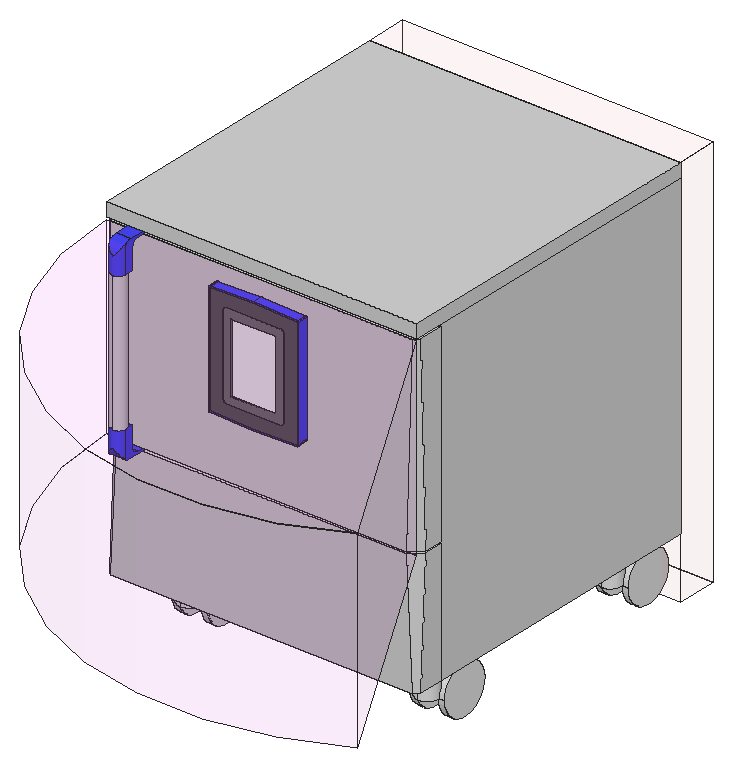
Revit family "Normann_PLUS_PLS5A-R290", category Attrezzature speciali, Revit 2021
Family settings
  Quota connettore circolare = Usa diametro
  Tipo di parte = Normale
  Basato su piano di lavoro = No
  Sempre verticale = Sì
  Taglio con vuoti quando caricato = No
  Condiviso = No
  Punto di calcolo locali = No
Parameters (values of type "PLUS5 AIR, R290, 220-240/1N/50, TFT, RHH, WHEELS, MULTI FOOD PROBE, WITH HUMIDITY CONTROL")
  Yield per shock freezing cycle test time (EN22042) - min = 261
  Yield per shock freezing cycle energy consumed (EN22042) - kWh/kg = 0.322
  Yield per shock freezing cycle consuption (EN22042) - kWh = 4
  Yield per shock freezing cycle +65/-18°C (EN22042) - kg = 13
  Yield per shock freezing cycle (+90/-18°C) - kg = 18
  Yield per blast chiling cycle test time (EN22042) - min = 96
  Yield per blast chiling cycle energy consumed (EN22042) - kWh/kg = 0.091
  Yield per blast chiling cycle consumption (EN22042) - kWh = 1
  Yield per blast chiling cycle +65/+10°C (EN22042) - kg = 18
  Yield per blast chiling cycle (+90°C/+3°C) - kg = 23
  Wheel_Feet = yes
  Wheel = Wheel_Feet  # yes
  URL Manufacturer = "https://www.normann.it"
  Tray quantity GN2/3 h65mm = 0
  Tray quantity EN1-GN1/1 h65mm = 0
  Tray quantity EN1-GN1/1 h40mm = 0
  Tray quantity EN1-GN1/1 h20mm = 0
  Tray number = 5
  Tray Type = "GN1/1 e EN1"
  Temperature range - °C = "-40/+85"
  Suction line diameter - mm = 0 mm
  Show_Clearance [instance] = yes
  Refrigeration Climate Class = 4
  Refrigerant gas = "R290"
  Default Elevation = 0 mm
  built-in parameter 1010108 = ""
  Power Supply (Volts/Ph/Hz) = "220-240/1N/50"
  Packing volume - m3 = 0.8
  Packaging length actual - mm = 800 mm
  Packaging height actual - mm = 1124 mm
  Packaging depth actual - mm = 890 mm
  Optional = "Multi food probe - with humidity control"
  Net Weight kg = 124
  Model Series = "Plus"
  Model Category = "Blast chiller reach-in"
  Max power warm cycle - W = 1750
  Max power cold cycle - W = 1203
  Max current warm cycle - A = 7.7
  Max current cold cycle - A = 5.1
  Mat_Grid = Acciaio inox, spazzolato
  Mat_Frame = Acciaio inox, spazzolato
  Manufacturer = "Normann"
  Liquid line diameter - mm = 0 mm
  Length Actual = 750 mm
  Internal length actual - mm = 650 mm
  Internal height actual - mm = 410 mm
  Internal depth actual - mm = 433 mm
  Ice cream pan 5l quantity (360x165x120mm) = 6
  ID = "5A1C3D3B1-05F2C"
  Height_Door = 464 mm
  Height_Feet_Actual = if(Wheel_Feet, 150 mm, H_Feet_Limits)  # 150 mm
  Height Actual = 954 mm
  H_Feet_Limits = if(Height_Feet_100to160 < 100 mm, 100 mm, if(Height_Feet_100to160 > 160 mm, 160 mm, Height_Feet_100to160))  # 117.1 mm
  Gross Weight kg = 139
  GWP = 3
  Feet = not(Wheel_Feet)  # no
  Door_SX = not(Door Side R_L)  # yes
  Door_DX = Door Side R_L  # no
  OffSet_Display = 175 mm
  Height_Feet_100to160 = 117.1 mm
  Door Side R_L = no
  Depth Body = 795 mm
  Depth Actual = 865 mm
  Controller = "TFT"
  Condensation = "AIR"
  Capacity internal - L = 115
  Asset Identifier = "PLS5A-R290"
Reference planes
  plane 1 "Retro": y = 0
  plane 2: z = 0
  plane 3 "Sinistra": x = 0
  plane 4: x = 220
  plane 5: x = 375
  plane 6: x = 530
  plane 7: x = 750
  plane 8: x = 88
  plane 9: x = 662
  plane 10: y = -100
  plane 11: y = -397.5
  plane 12: y = -655
  plane 13: y = -725
  plane 14: y = -795
  plane 15: y = -865
  plane 16: z = 150
  plane 17: z = 921
  plane 18: z = 741
  plane 19: z = 954
  plane 20: z = 916
  plane 21: z = 447
  plane 22: z = 452
  plane 23: z = 86
  plane 24: y = 100
  plane 25: z = 851
  plane 26: z = 517
Forms (mm)
  Extrusion 1, solid, material "Acciaio inox, spazzolato" <- "Mat_Frame"
    sketch origin (0, 0, 0) x (1, 0, 0) y (0, 1, 0)
      loop
        line (0, 0) -> (0, -795) -> (750, -795) -> (750, 0) -> (0, 0)
    from 921 to 954
  Extrusion 2, solid, material "Acciaio inox, spazzolato" <- "Mat_Frame"
    sketch origin (0, 0, 0) x (1, 0, 0) y (0, 1, 0)
      loop
        line (0, 0) -> (0, -725) -> (750, -725) -> (750, 0) -> (0, 0)
    from 150 to 921
  Extrusion 3, solid, material "Acciaio inox, spazzolato" <- "Mat_Grid"
    sketch origin (0, 0, 0) x (1, 0, 0) y (0, 1, 0)
      loop
        line (0, -725) -> (0, -795) -> (750, -795) -> (750, -725) -> (0, -725)
    from 150 to 447
  Extrusion 4, solid, material "Acciaio inox, spazzolato" <- "Mat_Frame"
    sketch origin (0, 0, 0) x (1, 0, 0) y (0, 1, 0)
      loop
        line (0, -725) -> (0, -795) -> (750, -795) -> (750, -725) -> (0, -725)
    from 452 to 916
  Extrusion 5, solid, material "Acciaio inox, spazzolato" <- "Mat_Frame"
    sketch origin (0, 0, 0) x (1, 0, 0) y (0, 1, 0)
      loop
        line (220, -100) -> (220, -655) -> (530, -655) -> (530, -100) -> (220, -100)
    from 86 to 150
  Extrusion 6, solid, material "Acciaio inox, spazzolato" <- "Mat_Frame", visible <- "Door_DX"
    sketch origin (-167.334, -1527.813, 0) x (0, 1, 0) y (-1, 0, 0)
      loop
        circle (680.313, -846.834) r 17.5
    from 517 to 851
  Extrusion 7, solid, material "Acciaio inox, spazzolato" <- "Mat_Frame", visible <- "Door_SX"
    sketch origin (917.334, -1527.813, 0) x (0, 1, 0) y (-1, 0, 0)
      loop
        circle (680.313, 846.834) r 17.5
    from 517 to 851
  Extrusion 8, solid, material "QF_Finishes_Clearance", visible <- "Show_Clearance"
    sketch origin (0, 0, 0) x (1, 0, 0) y (0, 1, 0)
      loop
        line (0, 100) -> (0, 0) -> (750, 0) -> (750, 100) -> (0, 100)
    from 0 to 954
  Extrusion 9, solid, material "Acciaio inox, spazzolato" <- "Mat_Frame"
    sketch origin (0, 0, 0) x (1, 0, 0) y (0, 0, 1)
      loop
        line (88, 180) -> (88, 210) -> (58, 210) -> (58, 180) -> (88, 180)
    from -1.043 to 0
  Extrusion 10, solid
    sketch origin (0, 0, 0) x (1, 0, 0) y (0, 0, 1)
      loop
        circle (662, 204.579) r 10
    from -6.778 to 0
  Blend 11, void
    base sketch origin (-1546.99, -1691.009, 0) x (1, 0, 0) y (0, 1, 0)
      loop
        line (2305.785, 930.019) -> (2262.98, 887.214) -> (2305.785, 887.214) -> (2305.785, 930.019)
    top sketch origin (-1546.99, -1691.009, 0) x (1, 0, 0) y (0, 1, 0)
      loop
        line (2305.785, 915.113) -> (2277.886, 887.214) -> (2305.785, 887.214) -> (2305.785, 915.113)
    from 452 to 916
  Blend 12, void
    base sketch origin (2296.985, -1691.009, 0) x (-1, 0, 0) y (0, -1, 0)
      loop
        line (2305.785, -930.019) -> (2305.785, -887.214) -> (2262.98, -887.214) -> (2305.785, -930.019)
    top sketch origin (2296.985, -1691.009, 0) x (-1, 0, 0) y (0, -1, 0)
      loop
        line (2305.785, -915.113) -> (2305.785, -887.214) -> (2277.886, -887.214) -> (2305.785, -915.113)
    from 452 to 916
  Blend 13, void
    base sketch origin (-1546.99, -1691.009, 0) x (1, 0, 0) y (0, 1, 0)
      loop
        line (2305.785, 915.113) -> (2277.886, 887.214) -> (2305.785, 887.214) -> (2305.785, 915.113)
    top sketch origin (-1546.99, -1691.009, 0) x (1, 0, 0) y (0, 1, 0)
      loop
        line (2262.98, 887.214) -> (2305.785, 887.214) -> (2305.785, 930.019) -> (2262.98, 887.214)
    from 150 to 447
  Blend 14, void
    base sketch origin (2296.985, -1691.009, 0) x (-1, 0, 0) y (0, -1, 0)
      loop
        line (2305.785, -915.113) -> (2305.785, -887.214) -> (2277.886, -887.214) -> (2305.785, -915.113)
    top sketch origin (2296.985, -1691.009, 0) x (-1, 0, 0) y (0, -1, 0)
      loop
        line (2262.98, -887.214) -> (2305.785, -930.019) -> (2305.785, -887.214) -> (2262.98, -887.214)
    from 150 to 447
Cuts and joins
  Blend 11, Blend 12 cuts Extrusion 4
  Blend 13, Blend 14 cuts Extrusion 3
Dimensions and locks
  equal spacing: plane 14, plane 11, plane 1 "Retro"
  "Depth Body": plane 14 to plane 1 "Retro"
  equal spacing: plane 3 "Sinistra", plane 5, plane 7
  "Length Actual": plane 3 "Sinistra" to plane 7
  locked: plane 3 "Sinistra" to plane 8 at 88
  locked: plane 9 to plane 7 at 88
  plane 4 to plane 5 to plane 6 = 155 mm locked, 155 mm locked
  plane 10 to plane 1 "Retro" = 100 mm
  plane 12 to plane 13 to plane 14 = 70 mm locked, 70 mm locked
  "Depth Actual": plane 15 to plane 1 "Retro"
  "Height Actual": plane 2 to plane 19
  locked: plane 17 to plane 19 at 33
  locked: plane 20 to plane 17 at 5
  "OffSet_Display": plane 20 to plane 18
  "Height_Feet_Actual": plane 2 to plane 16
  plane 16 to plane 21 = 297 mm
  locked: plane 21 to plane 22 at 5
  locked: plane 23 to plane 16 at 64
  locked: plane 1 "Retro" to plane 24 at 100
  "Height_Door": plane 20 to plane 22
  locked: plane 20 to plane 25 at 65
  locked: plane 26 to plane 22 at 65
  nested 8 to Blend 11 = 8.795 mm
  aligned and locked: level to plane 2
  aligned and locked: plane 1 "Retro" to Extrusion 1 sketch curve
  aligned and locked: plane 3 "Sinistra" to Extrusion 1 sketch curve
  aligned and locked: plane 7 to Extrusion 1 sketch curve
  aligned and locked: plane 14 to Extrusion 1 sketch curve
  aligned and locked: Extrusion 1 to plane 19
  aligned and locked: plane 17 to Extrusion 1
  aligned and locked: Extrusion 2 sketch curve to Extrusion 1  (x2)
  aligned and locked: Extrusion 2 sketch curve to plane 13
  aligned and locked: plane 7 to Extrusion 2 sketch curve
  aligned and locked: Extrusion 3 sketch curve to Extrusion 2  (x2)
  aligned and locked: plane 14 to Extrusion 3 sketch curve
  aligned and locked: Extrusion 3 sketch curve to Extrusion 1
  aligned and locked: Extrusion 4 sketch curve to Extrusion 2  (x2)
  aligned and locked: Extrusion 4 sketch curve to Extrusion 1  (x2)
  aligned and locked: plane 4 to Extrusion 5 sketch curve
  aligned and locked: Extrusion 5 sketch curve to plane 6
  aligned and locked: Extrusion 2 to plane 17
  aligned and locked: plane 16 to Extrusion 2
  aligned and locked: Extrusion 5 to plane 16
  aligned and locked: plane 20 to Extrusion 4
  aligned and locked: plane 22 to Extrusion 4
  aligned and locked: Extrusion 3 to plane 21
  aligned and locked: plane 16 to Extrusion 3
  aligned and locked: plane 12 to nested 1
  aligned and locked: nested 1 to plane 9
  aligned and locked: nested 3 to plane 12
  aligned and locked: nested 3 to plane 8
  aligned and locked: nested 6 to plane 18
  aligned and locked: plane 5 to nested 6
  aligned and locked: Extrusion 5 to plane 23
  aligned and locked: plane 21 to nested 5
  aligned and locked: Extrusion 8 sketch curve to plane 24
  aligned and locked: Extrusion 8 sketch curve to plane 1 "Retro"
  aligned and locked: Extrusion 8 to plane 19
  aligned and locked: plane 1 "Retro" to Extrusion 9
  aligned and locked: plane 1 "Retro" to Extrusion 10
  aligned and locked: nested 7 to plane 14
  aligned and locked: plane 3 "Sinistra" to nested 7
  aligned and locked: nested 7 to plane 20
  aligned and locked: plane 14 to nested 8
  aligned and locked: nested 8 to plane 7
  aligned and locked: nested 8 to plane 20
  aligned and locked: nested 10 to plane 15
  aligned and locked: nested 9 to plane 15
  aligned and locked: plane 15 to nested 11
  aligned and locked: plane 9 to nested 12
  aligned and locked: nested 10 to plane 9
  aligned and locked: plane 8 to nested 9
  aligned and locked: nested 11 to plane 8
  aligned and locked: plane 15 to nested 12
  aligned and locked: plane 26 to Extrusion 6
  aligned and locked: plane 26 to Extrusion 7
  aligned and locked: plane 25 to Extrusion 7
  aligned and locked: plane 25 to Extrusion 6
  aligned and locked: plane 16 to Blend 14
  aligned and locked: Blend 14 to plane 21
  aligned and locked: plane 16 to Blend 13
  aligned and locked: Blend 13 to plane 21
  aligned and locked: plane 22 to Blend 12
  aligned and locked: plane 22 to Blend 11
  aligned and locked: plane 20 to Blend 12
  aligned and locked: plane 20 to Blend 11
  aligned and locked: Extrusion 8 to plane 3 "Sinistra"
  aligned and locked: Extrusion 8 to plane 7
Automatic sketch dimensions
  Extrusion 5 sketch curve to plane 12 = 0 mm
  Extrusion 5 sketch curve to plane 10 = 0 mm
  plane 15 to Extrusion 6 sketch curve = 17.5 mm
  plane 9 to Extrusion 6 sketch curve = 17.5 mm
  Extrusion 7 sketch curve to plane 15 = 17.5 mm
  plane 8 to Extrusion 7 sketch curve = 17.5 mm
  Extrusion 9 sketch curve to plane 8 = 0 mm
  Extrusion 9 sketch curve to plane 8 = 30 mm
  Extrusion 9 sketch curve to plane 16 = 30 mm
  Extrusion 9 sketch curve to Extrusion 9 sketch curve = 30 mm
  Extrusion 10 sketch curve to plane 9 = 0 mm
  Extrusion 10 sketch curve to plane 16 = 54.579 mm
  Blend 11 sketch curve to Blend 11 sketch curve = 42.804 mm  (x2)
  Blend 11 sketch curve to plane 24 = 903.795 mm  (x2)
  Blend 11 sketch curve to Blend 11 sketch curve = 27.899 mm  (x2)
  Blend 12 sketch curve to Blend 12 sketch curve = 42.804 mm  (x2)
  Blend 12 sketch curve to plane 24 = 860.99 mm
  Blend 12 sketch curve to Blend 12 sketch curve = 27.899 mm  (x2)
  Blend 12 sketch curve to plane 24 = 875.896 mm
  Blend 13 sketch curve to Blend 13 sketch curve = 27.899 mm  (x2)
  Blend 13 sketch curve to plane 24 = 903.795 mm  (x2)
  Blend 13 sketch curve to Blend 13 sketch curve = 42.804 mm  (x2)
  Blend 14 sketch curve to Blend 14 sketch curve = 27.899 mm  (x2)
  Blend 14 sketch curve to plane 24 = 875.896 mm
  Blend 14 sketch curve to Blend 14 sketch curve = 42.804 mm  (x2)
  Blend 14 sketch curve to plane 24 = 860.99 mm
  Extrusion 8 sketch curve to plane 7 = 0 mm
  plane 7 to Blend 11 sketch curve = 34.01 mm
  plane 7 to Blend 11 sketch curve = 19.104 mm
  plane 3 "Sinistra" to Blend 12 sketch curve = 34.004 mm
  plane 3 "Sinistra" to Blend 12 sketch curve = 19.099 mm
  plane 7 to Blend 13 sketch curve = 19.104 mm
  plane 7 to Blend 13 sketch curve = 34.01 mm
  plane 3 "Sinistra" to Blend 14 sketch curve = 19.099 mm
  plane 3 "Sinistra" to Blend 14 sketch curve = 34.004 mm
  Extrusion 8 sketch curve to plane 3 "Sinistra" = 0 mm
  radius of Extrusion 6 sketch curve = 17.5 mm
  radius of Extrusion 7 sketch curve = 17.5 mm
  radius of Extrusion 10 sketch curve = 10 mm
Nested families
  nested 1: "Feet_Wheel_Norm" at (662, -655, 150) x (0, 1, 0) z (0, 0, -1), Feet <- "Feet", H_Feet <- "Height_Feet_Actual", type "Feet_Wheel_Norm"
    with Wheel yes, H_Wheel 150 mm, H_Feet_Real 150 mm, H_Feet 150 mm, Feet no
  nested 2: "Feet_Wheel_Norm" at (662, -100, 150) x (0, 1, 0) z (0, 0, -1), Feet <- "Feet", H_Feet <- "Height_Feet_Actual", type "Feet_Wheel_Norm"
    with Wheel yes, H_Wheel 150 mm, H_Feet_Real 150 mm, H_Feet 150 mm, Feet no
  nested 3: "Feet_Wheel_Norm" at (88, -655, 150) x (0, 1, 0) z (0, 0, -1), Feet <- "Feet", H_Feet <- "Height_Feet_Actual", type "Feet_Wheel_Norm"
    with Wheel yes, H_Wheel 150 mm, H_Feet_Real 150 mm, H_Feet 150 mm, Feet no
  nested 4: "Feet_Wheel_Norm" at (88, -100, 150) x (0, 1, 0) z (0, 0, -1), Feet <- "Feet", H_Feet <- "Height_Feet_Actual", type "Feet_Wheel_Norm"
    with Wheel yes, H_Wheel 150 mm, H_Feet_Real 150 mm, H_Feet 150 mm, Feet no
  nested 5: "Griglia_Plus" at (-8.798, -795, 447) x (1, 0, 0) z (0, -1, 0), type "Griglia_Plus"
  nested 6: "Display_Plus" at (375, -795, 741) x (-1, 0, 0) z (0, -1, 0), type "Display_Plus"
  nested 7: "Door_Clearance" at (0, -795, 452), Show_Clearance <- "Show_Clearance", visible <- "Door_DX", W <- "Length Actual", H <- "Height_Door", type "Door_Clearance"
    with W 750 mm, Show_Clearance yes, H 464 mm
  nested 8: "Door_Clearance" at (750, -795, 452) x (-1, 0, 0) z (0, 0, 1), W <- "Length Actual", H <- "Height_Door", Show_Clearance <- "Show_Clearance", visible <- "Door_SX", type "Door_Clearance"
    with W 750 mm, Show_Clearance yes, H 464 mm
  nested 9: "Testa_Maniglia_2024" at (70.5, -865, 851), visible <- "Door_SX", type "Testa_Maniglia_2024"
  nested 10: "Testa_Maniglia_2024" at (679.5, -865, 851), visible <- "Door_DX", type "Testa_Maniglia_2024"
  nested 11: "Testa_Maniglia_2024" at (70.5, -865, 517) x (1, 0, 0) z (0, 0, -1), visible <- "Door_SX", type "Testa_Maniglia_2024"
  nested 12: "Testa_Maniglia_2024" at (679.5, -865, 517) x (1, 0, 0) z (0, 0, -1), visible <- "Door_DX", type "Testa_Maniglia_2024"
Connectors
  piping at (662, 6.778, 204.579), diameter 20
    settings: on Extrusion 10, index 2, connector inside diameter 609.6 mm, connector length 0 mm, flow factor 0, pipe flow 0.0 L/s, pressure drop 0.0 Pa, fitting loss kfactor 0, connector angle 0.00°, fixture units 0, engagement length 0 mm, angle of deflection 0.00°, flow configuration 0, flow direction 0, fitting loss method 0, system type 29, joint type 0, gender type 0, connector reference index -1, connector utility 0, adjustable connector no, is connector primary yes, connector description ""
  electrical at (73, 1.043, 195)
    settings: on Extrusion 9, index 3, voltage 0 V, apparent load 0 VA, apparent load phase1 0 VA, apparent load phase2 0 VA, apparent load phase3 0 VA, power factor 1, load classification "Altro", number of poles 1, system type 31, power factor state 1, is connector primary yes, connector utility no, sub classification motor no, connector description ""
Definition of nested family "Feet_Wheel_Norm"
  Parameters (values of type "Feet_Wheel_Norm")
    Wheel [instance] = not(Feet)  # no
    Default Elevation = 1219.2 mm
    Mat_Feet = none
    H_Wheel [instance] = if(Wheel, 150 mm, H_Feet_Real)  # 150 mm
    H_Feet_Real [instance] = if(H_Feet < 100 mm, 100 mm, if(H_Feet > 160 mm, 160 mm, H_Feet))  # 150 mm
    H_Feet [instance] = 150 mm
    Feet [instance] = yes
    D = 55 mm
  Reference planes
    plane 1 "Centro (Fronte/Retro)": y = 0
    plane 2: z = 0
    plane 3 "Centro (Sinistra/Destra)": x = 0
    plane 4: y = 42.5
    plane 5: y = 27.5
    plane 6: y = -27.5
    plane 7: y = -42.5
    plane 8: z = 30
    plane 9: z = 90
    plane 10: z = 125
    plane 11: z = 150
  Forms (mm)
    Extrusion 1, solid
      sketch origin (0, 0, 0) x (1, 0, 0) y (0, 1, 0)
        loop
          line (-1219.2, 1219.2) -> (-1219.2, -1219.2) -> (1219.2, -1219.2) -> (1219.2, 1219.2) -> (-1219.2, 1219.2)
      from 0 to -304.8
    Extrusion 2, solid, material <- "Mat_Feet", visible <- "Feet"
      sketch origin (0, 0, 0) x (1, 0, 0) y (0, 1, 0)
        loop
          circle (0, 0) r 27.3
      from 125 to 150
    Extrusion 3, solid, material <- "Mat_Feet", visible <- "Feet"
      sketch origin (0, 0, 0) x (1, 0, 0) y (0, 1, 0)
        loop
          circle (0, 0) r 31.5
      from 0 to 125
    Extrusion 4, solid, material <- "Mat_Feet", visible <- "Wheel"
      sketch origin (0, 0, 0) x (1, 0, 0) y (0, 1, 0)
        loop
          circle (0, 0) r 27.3
      from 0 to 90
    Extrusion 5, solid, material <- "Mat_Feet", visible <- "Wheel"
      sketch origin (-40.152, 0, 0) x (1, 0, 0) y (0, 0, 1)
        loop
          circle (100.152, 90) r 60
      from 27.5 to 42.5
    Extrusion 6, solid, material <- "Mat_Feet", visible <- "Wheel"
      sketch origin (-40.152, 0, 0) x (1, 0, 0) y (0, 0, -1)
        loop
          circle (100.152, -90) r 60
      from 27.5 to 42.5
  Dimensions and locks
    equal spacing: plane 6, plane 1 "Centro (Fronte/Retro)", plane 5
    locked: plane 5 to plane 4 at 15
    locked: plane 7 to plane 6 at 15
    "D": plane 6 to plane 5
    "H_Wheel": plane 2 to plane 11
    locked: plane 10 to plane 11 at 25
    plane 2 to plane 9 = 90 mm
    locked: plane 8 to plane 9 at 60
    aligned and locked: plane 2 to Extrusion 1
    aligned and locked: level to Extrusion 1
    aligned and locked: Extrusion 3 to plane 10
    aligned and locked: plane 10 to Extrusion 2
    aligned and locked: Extrusion 2 to plane 11
    aligned and locked: Extrusion 4 to plane 2
    aligned and locked: Extrusion 4 to plane 9
    aligned and locked: Extrusion 5 to plane 6
    aligned and locked: plane 7 to Extrusion 5
    aligned and locked: Extrusion 6 to plane 4
    aligned and locked: plane 5 to Extrusion 6
    aligned and locked: plane 3 "Centro (Sinistra/Destra)" to Extrusion 5
    aligned and locked: plane 3 "Centro (Sinistra/Destra)" to Extrusion 6
  Automatic sketch dimensions
    Extrusion 1 sketch curve to Extrusion 1 sketch curve = 2438.4 mm  (x2)
    plane 1 "Centro (Fronte/Retro)" to Extrusion 2 sketch curve = 0 mm
    Extrusion 2 sketch curve to plane 3 "Centro (Sinistra/Destra)" = 0 mm
    plane 1 "Centro (Fronte/Retro)" to Extrusion 3 sketch curve = 0 mm
    Extrusion 3 sketch curve to plane 3 "Centro (Sinistra/Destra)" = 0 mm
    Extrusion 4 sketch curve to Extrusion 4 sketch curve = 0 mm  (x2)
    plane 1 "Centro (Fronte/Retro)" to Extrusion 4 sketch curve = 0 mm
    Extrusion 4 sketch curve to plane 3 "Centro (Sinistra/Destra)" = 0 mm
    Extrusion 4 sketch curve to Extrusion 4 sketch curve = 27.3 mm
    Extrusion 5 sketch curve to plane 9 = 0 mm
    plane 3 "Centro (Sinistra/Destra)" to Extrusion 5 sketch curve = 60 mm
    Extrusion 6 sketch curve to plane 9 = 0 mm
    plane 3 "Centro (Sinistra/Destra)" to Extrusion 6 sketch curve = 60 mm
    radius of Extrusion 2 sketch curve = 27.3 mm
    radius of Extrusion 3 sketch curve = 31.5 mm
    radius of Extrusion 5 sketch curve = 60 mm
    radius of Extrusion 6 sketch curve = 60 mm
Definition of nested family "Display_Plus"
  Parameters (values of type "Display_Plus")
    W = 218 mm
    Default Elevation = 1219.2 mm
    Mat_Pla_04 = none
    Mat_Pla_03 = none
    Mat_Pla_02 = none
    Mat_Pla_01 = none
    H = 25 mm
    D = 278 mm
  Reference planes
    plane 1 "Centro (Fronte/Retro)": y = 0
    plane 2: z = 0
    plane 3 "Centro (Sinistra/Destra)": x = 0
    plane 4: x = -54
    plane 5: x = 54
    plane 6: x = -74
    plane 7: x = 74
    plane 8: x = -109
    plane 9: x = 109
    plane 10: y = 139
    plane 11: y = 104
    plane 12: y = 84
    plane 13: y = -84
    plane 14: y = -104
    plane 15: y = -139
    plane 16: z = 25
    plane 17: z = 23
  Forms (mm)
    Extrusion 1, solid
      sketch origin (0, 0, 0) x (1, 0, 0) y (0, 1, 0)
        loop
          line (-1219.2, 1219.2) -> (-1219.2, -1219.2) -> (1219.2, -1219.2) -> (1219.2, 1219.2) -> (-1219.2, 1219.2)
      from 0 to -304.8
    Extrusion 2, solid, material <- "Mat_Pla_04"
      sketch origin (0, 0, 0) x (1, 0, 0) y (0, 1, 0)
        loop
          line (-54, 84) -> (-54, -84) -> (54, -84) -> (54, 84) -> (-54, 84)
      from 0 to 23
    Extrusion 3, solid, material <- "Mat_Pla_03"
      sketch origin (0, 0, 0) x (1, 0, 0) y (0, 1, 0)
        loop
          line (54, 84) -> (-54, 84) -> (-54, -84) -> (54, -84) -> (54, 84)
        loop
          arc (-64, 104) -> (-71.071, 101.071) -> (-74, 94) r 10
          line (-74, 94) -> (-74, -94)
          arc (-74, -94) -> (-71.071, -101.071) -> (-64, -104) r 10
          line (-64, -104) -> (64, -104)
          arc (64, -104) -> (71.071, -101.071) -> (74, -94) r 10
          line (74, -94) -> (74, 94)
          arc (74, 94) -> (71.071, 101.071) -> (64, 104) r 10
          line (64, 104) -> (-64, 104)
      from 0 to 25
    Extrusion 4, solid, material <- "Mat_Pla_01"
      sketch origin (0, 0, 0) x (1, 0, 0) y (0, 1, 0)
        loop
          line (-109, 133.023) -> (-109, -133.023)
          arc (-109, -133.023) -> (-108.177, -135.088) -> (-106.158, -136.019) r 3
          arc (-106.158, -136.019) -> (-53.098, -138.166) -> (0, -139) r 2146.538
          arc (0, -139) -> (53.098, -138.166) -> (106.158, -136.019) r 2146.538
          arc (106.158, -136.019) -> (108.177, -135.088) -> (109, -133.023) r 3
          line (109, -133.023) -> (109, 133.023)
          arc (109, 133.023) -> (108.177, 135.088) -> (106.158, 136.019) r 3
          arc (106.158, 136.019) -> (53.098, 138.166) -> (0, 139) r 2146.538
          arc (0, 139) -> (-53.098, 138.166) -> (-106.158, 136.019) r 2146.538
          arc (-106.158, 136.019) -> (-108.177, 135.088) -> (-109, 133.023) r 3
        loop
          arc (0, 137) -> (-53.045, 136.167) -> (-106.053, 134.022) r 2144.538
          arc (-106.053, 134.022) -> (-106.726, 133.712) -> (-107, 133.023) r 1
          line (-107, 133.023) -> (-107, -133.023)
          arc (-107, -133.023) -> (-106.726, -133.712) -> (-106.053, -134.022) r 1
          arc (-106.053, -134.022) -> (-53.045, -136.167) -> (0, -137) r 2144.538
          arc (0, -137) -> (53.045, -136.167) -> (106.053, -134.022) r 2144.538
          arc (106.053, -134.022) -> (106.726, -133.712) -> (107, -133.023) r 1
          line (107, -133.023) -> (107, 133.023)
          arc (107, 133.023) -> (106.726, 133.712) -> (106.053, 134.022) r 1
          arc (106.053, 134.022) -> (53.045, 136.167) -> (0, 137) r 2144.538
      from 0 to 25
    Extrusion 5, solid, material <- "Mat_Pla_02"
      sketch origin (0, 0, 0) x (1, 0, 0) y (0, 1, 0)
        loop
          arc (-106.053, 134.022) -> (-106.726, 133.712) -> (-107, 133.023) r 1
          line (-107, 133.023) -> (-107, -133.023)
          arc (-107, -133.023) -> (-106.726, -133.712) -> (-106.053, -134.022) r 1
          arc (-106.053, -134.022) -> (-53.045, -136.167) -> (0, -137) r 2144.538
          arc (0, -137) -> (53.045, -136.167) -> (106.053, -134.022) r 2144.538
          arc (106.053, -134.022) -> (106.726, -133.712) -> (107, -133.023) r 1
          line (107, -133.023) -> (107, 133.023)
          arc (107, 133.023) -> (106.726, 133.712) -> (106.053, 134.022) r 1
          arc (106.053, 134.022) -> (53.045, 136.167) -> (0, 137) r 2144.538
          arc (0, 137) -> (-53.045, 136.167) -> (-106.053, 134.022) r 2144.538
        loop
          line (64, 104) -> (-64, 104)
          arc (-64, 104) -> (-71.071, 101.071) -> (-74, 94) r 10
          line (-74, 94) -> (-74, -94)
          arc (-74, -94) -> (-71.071, -101.071) -> (-64, -104) r 10
          line (-64, -104) -> (64, -104)
          arc (64, -104) -> (71.071, -101.071) -> (74, -94) r 10
          line (74, -94) -> (74, 94)
          arc (74, 94) -> (71.071, 101.071) -> (64, 104) r 10
      from 0 to 25
  Dimensions and locks
    equal spacing: plane 15, plane 1 "Centro (Fronte/Retro)", plane 10
    equal spacing: plane 8, plane 3 "Centro (Sinistra/Destra)", plane 9
    "W": plane 8 to plane 9
    "D": plane 15 to plane 10
    locked: plane 17 to plane 16 at 2
    "H": plane 2 to plane 16
    locked: plane 8 to plane 6 at 35
    locked: plane 7 to plane 9 at 35
    locked: plane 5 to plane 7 at 20
    locked: plane 6 to plane 4 at 20
    locked: plane 15 to plane 14 at 35
    locked: plane 12 to plane 11 at 20
    locked: plane 11 to plane 10 at 35
    locked: plane 14 to plane 13 at 20
    aligned and locked: plane 2 to Extrusion 1
    aligned and locked: level to Extrusion 1
  Automatic sketch dimensions
    Extrusion 1 sketch curve to Extrusion 1 sketch curve = 2438.4 mm  (x2)
    Extrusion 2 sketch curve to plane 4 = 0 mm
    Extrusion 2 sketch curve to plane 5 = 0 mm
    plane 13 to Extrusion 2 sketch curve = 0 mm
    plane 12 to Extrusion 2 sketch curve = 0 mm
    Extrusion 3 sketch curve to plane 6 = 0 mm
    plane 14 to Extrusion 3 sketch curve = 0 mm
    plane 11 to Extrusion 3 sketch curve = 0 mm
    Extrusion 3 sketch curve to plane 4 = 0 mm
    Extrusion 3 sketch curve to plane 5 = 0 mm
    Extrusion 3 sketch curve to plane 7 = 0 mm
    plane 13 to Extrusion 3 sketch curve = 0 mm
    plane 12 to Extrusion 3 sketch curve = 0 mm
    Extrusion 3 sketch curve to plane 4 = 10 mm  (x2)
    plane 5 to Extrusion 3 sketch curve = 10 mm  (x2)
    Extrusion 4 sketch curve to plane 8 = 0 mm
    Extrusion 4 sketch curve to plane 3 "Centro (Sinistra/Destra)" = 0 mm  (x4)
    Extrusion 4 sketch curve to plane 9 = 0 mm
    plane 15 to Extrusion 4 sketch curve = 0 mm
    plane 10 to Extrusion 4 sketch curve = 0 mm
    Extrusion 4 sketch curve to Extrusion 4 sketch curve = 3 mm  (x4)
    Extrusion 4 sketch curve to plane 3 "Centro (Sinistra/Destra)" = 7.151 mm  (x2)
    plane 3 "Centro (Sinistra/Destra)" to Extrusion 4 sketch curve = 7.151 mm  (x2)
    plane 15 to Extrusion 4 sketch curve = 1868.526 mm
    Extrusion 4 sketch curve to Extrusion 4 sketch curve = 0 mm  (x20)
    Extrusion 4 sketch curve to plane 15 = 5.977 mm  (x2)
    plane 10 to Extrusion 4 sketch curve = 5.977 mm  (x2)
    Extrusion 4 sketch curve to plane 10 = 1868.526 mm
    Extrusion 4 sketch curve to Extrusion 4 sketch curve = 1 mm  (x2)
    Extrusion 5 sketch curve to plane 3 "Centro (Sinistra/Destra)" = 0 mm  (x2)
    Extrusion 5 sketch curve to plane 3 "Centro (Sinistra/Destra)" = 7.151 mm  (x2)
    plane 8 to Extrusion 5 sketch curve = 3 mm  (x2)
    Extrusion 5 sketch curve to Extrusion 5 sketch curve = 1 mm  (x2)
    plane 3 "Centro (Sinistra/Destra)" to Extrusion 5 sketch curve = 7.151 mm  (x2)
    Extrusion 5 sketch curve to plane 9 = 3 mm  (x2)
    plane 15 to Extrusion 5 sketch curve = 1868.526 mm
    Extrusion 5 sketch curve to Extrusion 5 sketch curve = 0 mm  (x4)
    Extrusion 5 sketch curve to plane 15 = 5.977 mm  (x2)
    plane 10 to Extrusion 5 sketch curve = 5.977 mm  (x2)
    Extrusion 5 sketch curve to plane 10 = 1868.526 mm
    Extrusion 5 sketch curve to plane 6 = 0 mm
    plane 11 to Extrusion 5 sketch curve = 0 mm
    plane 14 to Extrusion 5 sketch curve = 0 mm
    Extrusion 5 sketch curve to plane 7 = 0 mm
    Extrusion 5 sketch curve to plane 4 = 10 mm  (x2)
    plane 5 to Extrusion 5 sketch curve = 10 mm  (x2)
Definition of nested family "Door_Clearance"
  Parameters (values of type "Door_Clearance")
    W [instance] = 750 mm
    Show_Clearance [instance] = yes
    Default Elevation = 0 mm
    H [instance] = 464 mm
  Reference planes
    plane 1 "Centro (Fronte/Retro)": y = 0
    plane 2: z = 0
    plane 3 "Centro (Sinistra/Destra)": x = 0
    plane 4: x = 750
    plane 5: z = 464
  Forms (mm)
    Revolve 1, solid, visible <- "Show_Clearance"
      sketch origin (0, 0, 0) x (1, 0, 0) y (0, 0, 1)
        loop
          line (0, 464) -> (0, 0) -> (750, 0) -> (750, 464) -> (0, 464)
        axis (0, 464) -> (0, 0)
      angle from 240 to 360
  Dimensions and locks
    "W": plane 3 "Centro (Sinistra/Destra)" to plane 4
    "H": plane 2 to plane 5
    aligned and locked: level to plane 2
    aligned and locked: plane 2 to Revolve 1
    aligned and locked: Revolve 1 to plane 5
  Automatic sketch dimensions
    Revolve 1 sketch curve to plane 3 "Centro (Sinistra/Destra)" = 0 mm  (x2)
    plane 4 to Revolve 1 sketch curve = 0 mm
    level to Revolve 1 sketch curve = 0 mm
    Revolve 1 sketch curve to Revolve 1 sketch curve = 464 mm
    Revolve 1 sketch curve to Revolve 1 sketch curve = 263.9 mm
    Revolve 1 sketch curve to Revolve 1 sketch curve = 334.115 mm
Definition of nested family "Testa_Maniglia_2024"
  Parameters (values of type "Testa_Maniglia_2024")
    Default Elevation = 1219.2 mm
    Mat_T_Rail = none
    A = 35 mm
  Reference planes
    plane 1 "Centro (Fronte/Retro)": y = 0
    plane 2: z = 0
    plane 3 "Centro (Sinistra/Destra)": x = 0
    plane 4: x = 17.5
    plane 5: x = -17.5
    plane 6: y = 100
    plane 7: z = 70
    plane 8: z = 65.5
    plane 9: y = 35.988
  Forms (mm)
    Extrusion 1, solid
      sketch origin (0, 0, 0) x (1, 0, 0) y (0, 1, 0)
        loop
          line (-1219.2, 1219.2) -> (-1219.2, -1219.2) -> (1219.2, -1219.2) -> (1219.2, 1219.2) -> (-1219.2, 1219.2)
      from 0 to -304.8
    Extrusion 2, solid, material <- "Mat_T_Rail"
      sketch origin (603.971, -12.494, -156.359) x (0, 1, 0) y (0, 0, 1)
        loop
          line (112.494, 226.359) -> (45.488, 226.359)
          arc (45.488, 226.359) -> (22.801, 217.341) -> (12.494, 195.208) r 33.049
          line (12.494, 195.208) -> (12.494, 156.359) -> (48.482, 156.359) -> (48.482, 201.873)
          arc (48.482, 201.873) -> (54.341, 216.01) -> (68.482, 221.859) r 19.985
          line (68.482, 221.859) -> (112.494, 221.859) -> (112.494, 226.359)
      from -621.471 to -586.471
    Extrusion 3, void
      sketch origin (603.971, -12.494, -156.359) x (1, 0, 0) y (0, 1, 0)
        loop
          arc (-621.471, 29.994) -> (-603.971, 12.494) -> (-586.471, 29.994) r 17.5
          line (-586.471, 29.994) -> (-586.471, 80.181)
          arc (-586.471, 80.181) -> (-604.387, -23.549) -> (-621.471, 80.321) r 53.376
          line (-621.471, 80.321) -> (-621.471, 29.994)
      from 96.453 to 263.778
  Cuts and joins
    Extrusion 3 cuts Extrusion 2
  Dimensions and locks
    equal spacing: plane 5, plane 3 "Centro (Sinistra/Destra)", plane 4
    "A": plane 5 to plane 4
    locked: plane 9 to plane 1 "Centro (Fronte/Retro)" at 35.988
    locked: plane 7 to plane 8 at 4.5
    locked: plane 8 to plane 2 at 65.5
    locked: plane 1 "Centro (Fronte/Retro)" to plane 6 at 100
    aligned and locked: plane 2 to Extrusion 1
    aligned and locked: level to Extrusion 1
    aligned and locked: plane 4 to Extrusion 2
    aligned and locked: Extrusion 2 to plane 5
    aligned and locked: cut or joined group of Extrusion 2, Extrusion 3 to plane 6  (x2)
    aligned and locked: cut or joined group of Extrusion 2, Extrusion 3 to plane 8
    aligned and locked: plane 7 to cut or joined group of Extrusion 2, Extrusion 3
    aligned and locked: plane 9 to cut or joined group of Extrusion 2, Extrusion 3
  Automatic sketch dimensions
    Extrusion 1 sketch curve to Extrusion 1 sketch curve = 2438.4 mm  (x2)
    Extrusion 3 sketch curve to Extrusion 3 sketch curve = 0.202 mm
    Extrusion 3 sketch curve to Extrusion 3 sketch curve = 0.168 mm
    Extrusion 3 sketch curve to plane 3 "Centro (Sinistra/Destra)" = 0.202 mm
    plane 5 to Extrusion 3 sketch curve = 0 mm
    Extrusion 3 sketch curve to plane 1 "Centro (Fronte/Retro)" = 17.5 mm
    Extrusion 3 sketch curve to Extrusion 3 sketch curve = 50.187 mm
    Extrusion 2 sketch curve to level = 0 mm
    Extrusion 2 sketch curve to plane 1 "Centro (Fronte/Retro)" = 0 mm
    Extrusion 2 sketch curve to plane 6 = 0 mm
    Extrusion 2 sketch curve to Extrusion 2 sketch curve = 35.988 mm
    Extrusion 2 sketch curve to Extrusion 2 sketch curve = 19.985 mm
    level to Extrusion 2 sketch curve = 36.951 mm
    Extrusion 2 sketch curve to Extrusion 2 sketch curve = 1.899 mm
    Extrusion 2 sketch curve to Extrusion 2 sketch curve = 8.563 mm
    Extrusion 2 sketch curve to Extrusion 2 sketch curve = 4.5 mm
    Extrusion 2 sketch curve to Extrusion 2 sketch curve = 0.014 mm
Definition of nested family "Griglia_Plus"
  Parameters (values of type "Griglia_Plus")
    Default Elevation = 1219.2 mm
  Reference planes
    plane 1 "Centro (Fronte/Retro)": y = 0
    plane 2: z = 0
    plane 3 "Centro (Sinistra/Destra)": x = 0
  Forms (mm)
    Extrusion 1, solid
      sketch origin (0, 0, 0) x (1, 0, 0) y (0, 1, 0)
        loop
          line (-1219.2, 1219.2) -> (-1219.2, -1219.2) -> (1219.2, -1219.2) -> (1219.2, 1219.2) -> (-1219.2, 1219.2)
      from 0 to -304.8
  Lines and regions (mm)
    model lines, detail levels medium+fine
      curve 1: line (40.936, -180.917, 0) -> (54.849, -172.885, 0)
      curve 2: line (40.936, -180.917, 0) -> (54.849, -188.95, 0)
      curve 3: line (54.849, -188.95, 0) -> (54.849, -172.885, 0)
      curve 4: line (72.781, -180.917, 0) -> (58.867, -172.885, 0)
      curve 5: line (72.781, -180.917, 0) -> (58.867, -188.95, 0)
      curve 6: line (58.867, -188.95, 0) -> (58.867, -172.885, 0)
      curve 7: line (40.936, -157.913, 0) -> (54.849, -165.946, 0)
      curve 8: line (40.936, -157.913, 0) -> (54.849, -149.88, 0)
      curve 9: line (54.849, -149.88, 0) -> (54.849, -165.946, 0)
      curve 10: line (72.781, -157.913, 0) -> (58.867, -165.946, 0)
      curve 11: line (72.781, -157.913, 0) -> (58.867, -149.88, 0)
      curve 12: line (58.867, -149.88, 0) -> (58.867, -165.946, 0)
      curve 13: line (74.797, -177.653, 0) -> (60.884, -169.62, 0)
      curve 14: line (74.797, -177.653, 0) -> (74.797, -161.587, 0)
      curve 15: line (74.797, -161.587, 0) -> (60.884, -169.62, 0)
      curve 16: line (38.953, -161.577, 0) -> (52.866, -169.609, 0)
      curve 17: line (38.953, -161.577, 0) -> (38.953, -177.642, 0)
      curve 18: line (38.953, -177.642, 0) -> (52.866, -169.609, 0)
      curve 19: line (74.797, -184.182, 0) -> (60.884, -192.215, 0)
      curve 20: line (74.797, -184.182, 0) -> (74.797, -200.248, 0)
      curve 21: line (74.797, -200.248, 0) -> (60.884, -192.215, 0)
      curve 22: line (38.953, -200.258, 0) -> (52.866, -192.225, 0)
      curve 23: line (38.953, -200.258, 0) -> (38.953, -184.192, 0)
      curve 24: line (38.953, -184.192, 0) -> (52.866, -192.225, 0)
      curve 25: line (40.936, -227.884, 0) -> (54.849, -219.851, 0)
      curve 26: line (40.936, -227.884, 0) -> (54.849, -235.917, 0)
      curve 27: line (54.849, -235.917, 0) -> (54.849, -219.851, 0)
      curve 28: line (72.781, -227.884, 0) -> (58.867, -219.851, 0)
      curve 29: line (72.781, -227.884, 0) -> (58.867, -235.917, 0)
      curve 30: line (58.867, -235.917, 0) -> (58.867, -219.851, 0)
      curve 31: line (40.936, -204.88, 0) -> (54.849, -212.912, 0)
      curve 32: line (40.936, -204.88, 0) -> (54.849, -196.847, 0)
      curve 33: line (54.849, -196.847, 0) -> (54.849, -212.912, 0)
      curve 34: line (72.781, -204.88, 0) -> (58.867, -212.912, 0)
      curve 35: line (72.781, -204.88, 0) -> (58.867, -196.847, 0)
      curve 36: line (58.867, -196.847, 0) -> (58.867, -212.912, 0)
      curve 37: line (74.797, -224.619, 0) -> (60.884, -216.587, 0)
      curve 38: line (74.797, -224.619, 0) -> (74.797, -208.554, 0)
      curve 39: line (74.797, -208.554, 0) -> (60.884, -216.587, 0)
      curve 40: line (38.953, -208.543, 0) -> (52.866, -216.576, 0)
      curve 41: line (38.953, -208.543, 0) -> (38.953, -224.609, 0)
      curve 42: line (38.953, -224.609, 0) -> (52.866, -216.576, 0)
      curve 43: line (74.797, -231.149, 0) -> (60.884, -239.181, 0)
      curve 44: line (74.797, -231.149, 0) -> (74.797, -247.214, 0)
      curve 45: line (74.797, -247.214, 0) -> (60.884, -239.181, 0)
      curve 46: line (38.953, -247.225, 0) -> (52.866, -239.192, 0)
      curve 47: line (38.953, -247.225, 0) -> (38.953, -231.159, 0)
      curve 48: line (38.953, -231.159, 0) -> (52.866, -239.192, 0)
      curve 49: line (40.936, -273.703, 0) -> (54.849, -265.67, 0)
      curve 50: line (40.936, -273.703, 0) -> (54.849, -281.736, 0)
      curve 51: line (54.849, -281.736, 0) -> (54.849, -265.67, 0)
      curve 52: line (72.781, -273.703, 0) -> (58.867, -265.67, 0)
      curve 53: line (72.781, -273.703, 0) -> (58.867, -281.736, 0)
      curve 54: line (58.867, -281.736, 0) -> (58.867, -265.67, 0)
      curve 55: line (40.936, -250.699, 0) -> (54.849, -258.731, 0)
      curve 56: line (40.936, -250.699, 0) -> (54.849, -242.666, 0)
      curve 57: line (54.849, -242.666, 0) -> (54.849, -258.731, 0)
      curve 58: line (72.781, -250.699, 0) -> (58.867, -258.731, 0)
      curve 59: line (72.781, -250.699, 0) -> (58.867, -242.666, 0)
      curve 60: line (58.867, -242.666, 0) -> (58.867, -258.731, 0)
      curve 61: line (74.797, -270.438, 0) -> (60.884, -262.405, 0)
      curve 62: line (74.797, -270.438, 0) -> (74.797, -254.373, 0)
      curve 63: line (74.797, -254.373, 0) -> (60.884, -262.405, 0)
      curve 64: line (38.953, -254.362, 0) -> (52.866, -262.395, 0)
      curve 65: line (38.953, -254.362, 0) -> (38.953, -270.428, 0)
      curve 66: line (38.953, -270.428, 0) -> (52.866, -262.395, 0)
      curve 67: line (40.936, -133.703, 0) -> (54.849, -125.67, 0)
      curve 68: line (40.936, -133.703, 0) -> (54.849, -141.736, 0)
      curve 69: line (54.849, -141.736, 0) -> (54.849, -125.67, 0)
      curve 70: line (72.781, -133.703, 0) -> (58.867, -125.67, 0)
      curve 71: line (72.781, -133.703, 0) -> (58.867, -141.736, 0)
      curve 72: line (58.867, -141.736, 0) -> (58.867, -125.67, 0)
      curve 73: line (40.936, -110.699, 0) -> (54.849, -118.731, 0)
      curve 74: line (40.936, -110.699, 0) -> (54.849, -102.666, 0)
      curve 75: line (54.849, -102.666, 0) -> (54.849, -118.731, 0)
      curve 76: line (72.781, -110.699, 0) -> (58.867, -118.731, 0)
      curve 77: line (72.781, -110.699, 0) -> (58.867, -102.666, 0)
      curve 78: line (58.867, -102.666, 0) -> (58.867, -118.731, 0)
      curve 79: line (74.797, -130.438, 0) -> (60.884, -122.405, 0)
      curve 80: line (74.797, -130.438, 0) -> (74.797, -114.373, 0)
      curve 81: line (74.797, -114.373, 0) -> (60.884, -122.405, 0)
      curve 82: line (38.953, -114.362, 0) -> (52.866, -122.395, 0)
      curve 83: line (38.953, -114.362, 0) -> (38.953, -130.428, 0)
      curve 84: line (38.953, -130.428, 0) -> (52.866, -122.395, 0)
      curve 85: line (74.797, -136.968, 0) -> (60.884, -145, 0)
      curve 86: line (74.797, -136.968, 0) -> (74.797, -153.033, 0)
      curve 87: line (74.797, -153.033, 0) -> (60.884, -145, 0)
      curve 88: line (38.953, -153.043, 0) -> (52.866, -145.011, 0)
      curve 89: line (38.953, -153.043, 0) -> (38.953, -136.978, 0)
      curve 90: line (38.953, -136.978, 0) -> (52.866, -145.011, 0)
      curve 91: line (40.936, -89.941, 0) -> (54.849, -81.909, 0)
      curve 92: line (40.936, -89.941, 0) -> (54.849, -97.974, 0)
      curve 93: line (54.849, -97.974, 0) -> (54.849, -81.909, 0)
      curve 94: line (72.781, -89.941, 0) -> (58.867, -81.909, 0)
      curve 95: line (72.781, -89.941, 0) -> (58.867, -97.974, 0)
      curve 96: line (58.867, -97.974, 0) -> (58.867, -81.909, 0)
      curve 97: line (40.936, -66.937, 0) -> (54.849, -74.97, 0)
      curve 98: line (40.936, -66.937, 0) -> (54.849, -58.904, 0)
      curve 99: line (54.849, -58.904, 0) -> (54.849, -74.97, 0)
      curve 100: line (72.781, -66.937, 0) -> (58.867, -74.97, 0)
      curve 101: line (72.781, -66.937, 0) -> (58.867, -58.904, 0)
      curve 102: line (58.867, -58.904, 0) -> (58.867, -74.97, 0)
      curve 103: line (74.797, -86.677, 0) -> (60.884, -78.644, 0)
      curve 104: line (74.797, -86.677, 0) -> (74.797, -70.611, 0)
      curve 105: line (74.797, -70.611, 0) -> (60.884, -78.644, 0)
      curve 106: line (38.953, -70.601, 0) -> (52.866, -78.633, 0)
      curve 107: line (38.953, -70.601, 0) -> (38.953, -86.666, 0)
      curve 108: line (38.953, -86.666, 0) -> (52.866, -78.633, 0)
      curve 109: line (74.797, -93.206, 0) -> (60.884, -101.239, 0)
      curve 110: line (74.797, -93.206, 0) -> (74.797, -109.272, 0)
      curve 111: line (74.797, -109.272, 0) -> (60.884, -101.239, 0)
      curve 112: line (38.953, -109.282, 0) -> (52.866, -101.249, 0)
      curve 113: line (38.953, -109.282, 0) -> (38.953, -93.217, 0)
      curve 114: line (38.953, -93.217, 0) -> (52.866, -101.249, 0)
      curve 115: line (40.936, -43.691, 0) -> (54.849, -35.659, 0)
      curve 116: line (40.936, -43.691, 0) -> (54.849, -51.724, 0)
      curve 117: line (54.849, -51.724, 0) -> (54.849, -35.659, 0)
      curve 118: line (72.781, -43.691, 0) -> (58.867, -35.659, 0)
      curve 119: line (72.781, -43.691, 0) -> (58.867, -51.724, 0)
      curve 120: line (58.867, -51.724, 0) -> (58.867, -35.659, 0)
      curve 121: line (40.936, -20.687, 0) -> (54.849, -28.72, 0)
      curve 122: line (40.936, -20.687, 0) -> (54.849, -12.654, 0)
      curve 123: line (54.849, -12.654, 0) -> (54.849, -28.72, 0)
      curve 124: line (72.781, -20.687, 0) -> (58.867, -28.72, 0)
      curve 125: line (72.781, -20.687, 0) -> (58.867, -12.654, 0)
      curve 126: line (58.867, -12.654, 0) -> (58.867, -28.72, 0)
      curve 127: line (74.797, -40.427, 0) -> (60.884, -32.394, 0)
      curve 128: line (74.797, -40.427, 0) -> (74.797, -24.361, 0)
      curve 129: line (74.797, -24.361, 0) -> (60.884, -32.394, 0)
      curve 130: line (38.953, -24.351, 0) -> (52.866, -32.383, 0)
      curve 131: line (38.953, -24.351, 0) -> (38.953, -40.416, 0)
      curve 132: line (38.953, -40.416, 0) -> (52.866, -32.383, 0)
      curve 133: line (74.797, -46.956, 0) -> (60.884, -54.989, 0)
      curve 134: line (74.797, -46.956, 0) -> (74.797, -63.022, 0)
      curve 135: line (74.797, -63.022, 0) -> (60.884, -54.989, 0)
      curve 136: line (38.953, -63.032, 0) -> (52.866, -54.999, 0)
      curve 137: line (38.953, -63.032, 0) -> (38.953, -46.967, 0)
      curve 138: line (38.953, -46.967, 0) -> (52.866, -54.999, 0)
      curve 139: line (80.936, -180.917, 0) -> (94.849, -172.885, 0)
      curve 140: line (80.936, -180.917, 0) -> (94.849, -188.95, 0)
      curve 141: line (94.849, -188.95, 0) -> (94.849, -172.885, 0)
      curve 142: line (112.781, -180.917, 0) -> (98.867, -172.885, 0)
      curve 143: line (112.781, -180.917, 0) -> (98.867, -188.95, 0)
      curve 144: line (98.867, -188.95, 0) -> (98.867, -172.885, 0)
      curve 145: line (80.936, -157.913, 0) -> (94.849, -165.946, 0)
      curve 146: line (80.936, -157.913, 0) -> (94.849, -149.88, 0)
      curve 147: line (94.849, -149.88, 0) -> (94.849, -165.946, 0)
      curve 148: line (112.781, -157.913, 0) -> (98.867, -165.946, 0)
      curve 149: line (112.781, -157.913, 0) -> (98.867, -149.88, 0)
      curve 150: line (98.867, -149.88, 0) -> (98.867, -165.946, 0)
      curve 151: line (114.797, -177.653, 0) -> (100.884, -169.62, 0)
      curve 152: line (114.797, -177.653, 0) -> (114.797, -161.587, 0)
      curve 153: line (114.797, -161.587, 0) -> (100.884, -169.62, 0)
      curve 154: line (78.953, -161.577, 0) -> (92.866, -169.609, 0)
      curve 155: line (78.953, -161.577, 0) -> (78.953, -177.642, 0)
      curve 156: line (78.953, -177.642, 0) -> (92.866, -169.609, 0)
      curve 157: line (114.797, -184.182, 0) -> (100.884, -192.215, 0)
      curve 158: line (114.797, -184.182, 0) -> (114.797, -200.248, 0)
      curve 159: line (114.797, -200.248, 0) -> (100.884, -192.215, 0)
      curve 160: line (78.953, -200.258, 0) -> (92.866, -192.225, 0)
      curve 161: line (78.953, -200.258, 0) -> (78.953, -184.192, 0)
      curve 162: line (78.953, -184.192, 0) -> (92.866, -192.225, 0)
      curve 163: line (80.936, -227.884, 0) -> (94.849, -219.851, 0)
      curve 164: line (80.936, -227.884, 0) -> (94.849, -235.917, 0)
      curve 165: line (94.849, -235.917, 0) -> (94.849, -219.851, 0)
      curve 166: line (112.781, -227.884, 0) -> (98.867, -219.851, 0)
      curve 167: line (112.781, -227.884, 0) -> (98.867, -235.917, 0)
      curve 168: line (98.867, -235.917, 0) -> (98.867, -219.851, 0)
      curve 169: line (80.936, -204.88, 0) -> (94.849, -212.912, 0)
      curve 170: line (80.936, -204.88, 0) -> (94.849, -196.847, 0)
      curve 171: line (94.849, -196.847, 0) -> (94.849, -212.912, 0)
      curve 172: line (112.781, -204.88, 0) -> (98.867, -212.912, 0)
      curve 173: line (112.781, -204.88, 0) -> (98.867, -196.847, 0)
      curve 174: line (98.867, -196.847, 0) -> (98.867, -212.912, 0)
      curve 175: line (114.797, -224.619, 0) -> (100.884, -216.587, 0)
      curve 176: line (114.797, -224.619, 0) -> (114.797, -208.554, 0)
      curve 177: line (114.797, -208.554, 0) -> (100.884, -216.587, 0)
      curve 178: line (78.953, -208.543, 0) -> (92.866, -216.576, 0)
      curve 179: line (78.953, -208.543, 0) -> (78.953, -224.609, 0)
      curve 180: line (78.953, -224.609, 0) -> (92.866, -216.576, 0)
      curve 181: line (114.797, -231.149, 0) -> (100.884, -239.181, 0)
      curve 182: line (114.797, -231.149, 0) -> (114.797, -247.214, 0)
      curve 183: line (114.797, -247.214, 0) -> (100.884, -239.181, 0)
      curve 184: line (78.953, -247.225, 0) -> (92.866, -239.192, 0)
      curve 185: line (78.953, -247.225, 0) -> (78.953, -231.159, 0)
      curve 186: line (78.953, -231.159, 0) -> (92.866, -239.192, 0)
      curve 187: line (80.936, -273.703, 0) -> (94.849, -265.67, 0)
      curve 188: line (80.936, -273.703, 0) -> (94.849, -281.736, 0)
      curve 189: line (94.849, -281.736, 0) -> (94.849, -265.67, 0)
      curve 190: line (112.781, -273.703, 0) -> (98.867, -265.67, 0)
      curve 191: line (112.781, -273.703, 0) -> (98.867, -281.736, 0)
      curve 192: line (98.867, -281.736, 0) -> (98.867, -265.67, 0)
      curve 193: line (80.936, -250.699, 0) -> (94.849, -258.731, 0)
      curve 194: line (80.936, -250.699, 0) -> (94.849, -242.666, 0)
      curve 195: line (94.849, -242.666, 0) -> (94.849, -258.731, 0)
      curve 196: line (112.781, -250.699, 0) -> (98.867, -258.731, 0)
      curve 197: line (112.781, -250.699, 0) -> (98.867, -242.666, 0)
      curve 198: line (98.867, -242.666, 0) -> (98.867, -258.731, 0)
      curve 199: line (114.797, -270.438, 0) -> (100.884, -262.405, 0)
      curve 200: line (114.797, -270.438, 0) -> (114.797, -254.373, 0)
      curve 201: line (114.797, -254.373, 0) -> (100.884, -262.405, 0)
      curve 202: line (78.953, -254.362, 0) -> (92.866, -262.395, 0)
      curve 203: line (78.953, -254.362, 0) -> (78.953, -270.428, 0)
      curve 204: line (78.953, -270.428, 0) -> (92.866, -262.395, 0)
      curve 205: line (80.936, -133.703, 0) -> (94.849, -125.67, 0)
      curve 206: line (80.936, -133.703, 0) -> (94.849, -141.736, 0)
      curve 207: line (94.849, -141.736, 0) -> (94.849, -125.67, 0)
      curve 208: line (112.781, -133.703, 0) -> (98.867, -125.67, 0)
      curve 209: line (112.781, -133.703, 0) -> (98.867, -141.736, 0)
      curve 210: line (98.867, -141.736, 0) -> (98.867, -125.67, 0)
      curve 211: line (80.936, -110.699, 0) -> (94.849, -118.731, 0)
      curve 212: line (80.936, -110.699, 0) -> (94.849, -102.666, 0)
      curve 213: line (94.849, -102.666, 0) -> (94.849, -118.731, 0)
      curve 214: line (112.781, -110.699, 0) -> (98.867, -118.731, 0)
      curve 215: line (112.781, -110.699, 0) -> (98.867, -102.666, 0)
      curve 216: line (98.867, -102.666, 0) -> (98.867, -118.731, 0)
      curve 217: line (114.797, -130.438, 0) -> (100.884, -122.405, 0)
      curve 218: line (114.797, -130.438, 0) -> (114.797, -114.373, 0)
      curve 219: line (114.797, -114.373, 0) -> (100.884, -122.405, 0)
      curve 220: line (78.953, -114.362, 0) -> (92.866, -122.395, 0)
      curve 221: line (78.953, -114.362, 0) -> (78.953, -130.428, 0)
      curve 222: line (78.953, -130.428, 0) -> (92.866, -122.395, 0)
      curve 223: line (114.797, -136.968, 0) -> (100.884, -145, 0)
      curve 224: line (114.797, -136.968, 0) -> (114.797, -153.033, 0)
      curve 225: line (114.797, -153.033, 0) -> (100.884, -145, 0)
      curve 226: line (78.953, -153.043, 0) -> (92.866, -145.011, 0)
      curve 227: line (78.953, -153.043, 0) -> (78.953, -136.978, 0)
      curve 228: line (78.953, -136.978, 0) -> (92.866, -145.011, 0)
      curve 229: line (80.936, -89.941, 0) -> (94.849, -81.909, 0)
      curve 230: line (80.936, -89.941, 0) -> (94.849, -97.974, 0)
      curve 231: line (94.849, -97.974, 0) -> (94.849, -81.909, 0)
      curve 232: line (112.781, -89.941, 0) -> (98.867, -81.909, 0)
      curve 233: line (112.781, -89.941, 0) -> (98.867, -97.974, 0)
      curve 234: line (98.867, -97.974, 0) -> (98.867, -81.909, 0)
      curve 235: line (80.936, -66.937, 0) -> (94.849, -74.97, 0)
      curve 236: line (80.936, -66.937, 0) -> (94.849, -58.904, 0)
      curve 237: line (94.849, -58.904, 0) -> (94.849, -74.97, 0)
      curve 238: line (112.781, -66.937, 0) -> (98.867, -74.97, 0)
      curve 239: line (112.781, -66.937, 0) -> (98.867, -58.904, 0)
      curve 240: line (98.867, -58.904, 0) -> (98.867, -74.97, 0)
      curve 241: line (114.797, -86.677, 0) -> (100.884, -78.644, 0)
      curve 242: line (114.797, -86.677, 0) -> (114.797, -70.611, 0)
      curve 243: line (114.797, -70.611, 0) -> (100.884, -78.644, 0)
      curve 244: line (78.953, -70.601, 0) -> (92.866, -78.633, 0)
      curve 245: line (78.953, -70.601, 0) -> (78.953, -86.666, 0)
      curve 246: line (78.953, -86.666, 0) -> (92.866, -78.633, 0)
      curve 247: line (114.797, -93.206, 0) -> (100.884, -101.239, 0)
      curve 248: line (114.797, -93.206, 0) -> (114.797, -109.272, 0)
      curve 249: line (114.797, -109.272, 0) -> (100.884, -101.239, 0)
      curve 250: line (78.953, -109.282, 0) -> (92.866, -101.249, 0)
      curve 251: line (78.953, -109.282, 0) -> (78.953, -93.217, 0)
      curve 252: line (78.953, -93.217, 0) -> (92.866, -101.249, 0)
      curve 253: line (80.936, -43.691, 0) -> (94.849, -35.659, 0)
      curve 254: line (80.936, -43.691, 0) -> (94.849, -51.724, 0)
      curve 255: line (94.849, -51.724, 0) -> (94.849, -35.659, 0)
      curve 256: line (112.781, -43.691, 0) -> (98.867, -35.659, 0)
      curve 257: line (112.781, -43.691, 0) -> (98.867, -51.724, 0)
      curve 258: line (98.867, -51.724, 0) -> (98.867, -35.659, 0)
      curve 259: line (80.936, -20.687, 0) -> (94.849, -28.72, 0)
      curve 260: line (80.936, -20.687, 0) -> (94.849, -12.654, 0)
      curve 261: line (94.849, -12.654, 0) -> (94.849, -28.72, 0)
      curve 262: line (112.781, -20.687, 0) -> (98.867, -28.72, 0)
      curve 263: line (112.781, -20.687, 0) -> (98.867, -12.654, 0)
      curve 264: line (98.867, -12.654, 0) -> (98.867, -28.72, 0)
      curve 265: line (114.797, -40.427, 0) -> (100.884, -32.394, 0)
      curve 266: line (114.797, -40.427, 0) -> (114.797, -24.361, 0)
      curve 267: line (114.797, -24.361, 0) -> (100.884, -32.394, 0)
      curve 268: line (78.953, -24.351, 0) -> (92.866, -32.383, 0)
      curve 269: line (78.953, -24.351, 0) -> (78.953, -40.416, 0)
      curve 270: line (78.953, -40.416, 0) -> (92.866, -32.383, 0)
      curve 271: line (114.797, -46.956, 0) -> (100.884, -54.989, 0)
      curve 272: line (114.797, -46.956, 0) -> (114.797, -63.022, 0)
      curve 273: line (114.797, -63.022, 0) -> (100.884, -54.989, 0)
      curve 274: line (78.953, -63.032, 0) -> (92.866, -54.999, 0)
      curve 275: line (78.953, -63.032, 0) -> (78.953, -46.967, 0)
      curve 276: line (78.953, -46.967, 0) -> (92.866, -54.999, 0)
      curve 277: line (120.936, -180.917, 0) -> (134.849, -172.885, 0)
      curve 278: line (120.936, -180.917, 0) -> (134.849, -188.95, 0)
      curve 279: line (134.849, -188.95, 0) -> (134.849, -172.885, 0)
      curve 280: line (152.781, -180.917, 0) -> (138.867, -172.885, 0)
      curve 281: line (152.781, -180.917, 0) -> (138.867, -188.95, 0)
      curve 282: line (138.867, -188.95, 0) -> (138.867, -172.885, 0)
      curve 283: line (120.936, -157.913, 0) -> (134.849, -165.946, 0)
      curve 284: line (120.936, -157.913, 0) -> (134.849, -149.88, 0)
      curve 285: line (134.849, -149.88, 0) -> (134.849, -165.946, 0)
      curve 286: line (152.781, -157.913, 0) -> (138.867, -165.946, 0)
      curve 287: line (152.781, -157.913, 0) -> (138.867, -149.88, 0)
      curve 288: line (138.867, -149.88, 0) -> (138.867, -165.946, 0)
      curve 289: line (154.797, -177.653, 0) -> (140.884, -169.62, 0)
      curve 290: line (154.797, -177.653, 0) -> (154.797, -161.587, 0)
      curve 291: line (154.797, -161.587, 0) -> (140.884, -169.62, 0)
      curve 292: line (118.953, -161.577, 0) -> (132.866, -169.609, 0)
      curve 293: line (118.953, -161.577, 0) -> (118.953, -177.642, 0)
      curve 294: line (118.953, -177.642, 0) -> (132.866, -169.609, 0)
      curve 295: line (154.797, -184.182, 0) -> (140.884, -192.215, 0)
      curve 296: line (154.797, -184.182, 0) -> (154.797, -200.248, 0)
      curve 297: line (154.797, -200.248, 0) -> (140.884, -192.215, 0)
      curve 298: line (118.953, -200.258, 0) -> (132.866, -192.225, 0)
      curve 299: line (118.953, -200.258, 0) -> (118.953, -184.192, 0)
      curve 300: line (118.953, -184.192, 0) -> (132.866, -192.225, 0)
      curve 301: line (120.936, -227.884, 0) -> (134.849, -219.851, 0)
      curve 302: line (120.936, -227.884, 0) -> (134.849, -235.917, 0)
      curve 303: line (134.849, -235.917, 0) -> (134.849, -219.851, 0)
      curve 304: line (152.781, -227.884, 0) -> (138.867, -219.851, 0)
      curve 305: line (152.781, -227.884, 0) -> (138.867, -235.917, 0)
      curve 306: line (138.867, -235.917, 0) -> (138.867, -219.851, 0)
      curve 307: line (120.936, -204.88, 0) -> (134.849, -212.912, 0)
      curve 308: line (120.936, -204.88, 0) -> (134.849, -196.847, 0)
      curve 309: line (134.849, -196.847, 0) -> (134.849, -212.912, 0)
      curve 310: line (152.781, -204.88, 0) -> (138.867, -212.912, 0)
      curve 311: line (152.781, -204.88, 0) -> (138.867, -196.847, 0)
      curve 312: line (138.867, -196.847, 0) -> (138.867, -212.912, 0)
      curve 313: line (154.797, -224.619, 0) -> (140.884, -216.587, 0)
      curve 314: line (154.797, -224.619, 0) -> (154.797, -208.554, 0)
      curve 315: line (154.797, -208.554, 0) -> (140.884, -216.587, 0)
      curve 316: line (118.953, -208.543, 0) -> (132.866, -216.576, 0)
      curve 317: line (118.953, -208.543, 0) -> (118.953, -224.609, 0)
      curve 318: line (118.953, -224.609, 0) -> (132.866, -216.576, 0)
      curve 319: line (154.797, -231.149, 0) -> (140.884, -239.181, 0)
      curve 320: line (154.797, -231.149, 0) -> (154.797, -247.214, 0)
      curve 321: line (154.797, -247.214, 0) -> (140.884, -239.181, 0)
      curve 322: line (118.953, -247.225, 0) -> (132.866, -239.192, 0)
      curve 323: line (118.953, -247.225, 0) -> (118.953, -231.159, 0)
      curve 324: line (118.953, -231.159, 0) -> (132.866, -239.192, 0)
      curve 325: line (120.936, -273.703, 0) -> (134.849, -265.67, 0)
      curve 326: line (120.936, -273.703, 0) -> (134.849, -281.736, 0)
      curve 327: line (134.849, -281.736, 0) -> (134.849, -265.67, 0)
      curve 328: line (152.781, -273.703, 0) -> (138.867, -265.67, 0)
      curve 329: line (152.781, -273.703, 0) -> (138.867, -281.736, 0)
      curve 330: line (138.867, -281.736, 0) -> (138.867, -265.67, 0)
